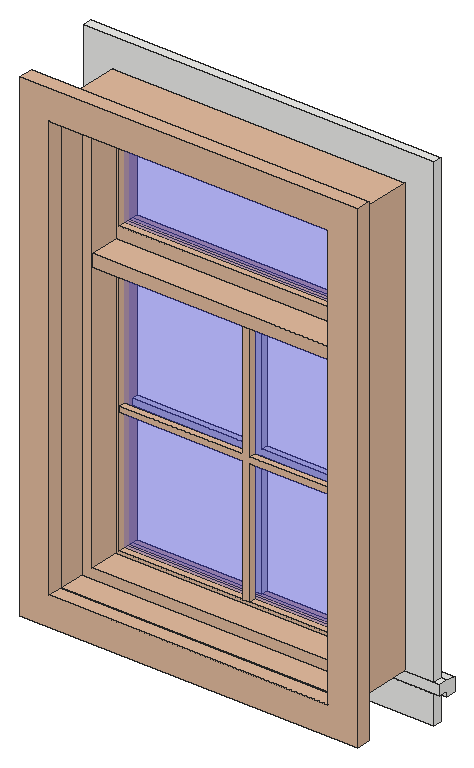
Revit family "M_Janela-fixa-travessa", category Janelas, Revit 2019
Family settings
  Hospedeiro = Parede
  Número OmniClass = 23.30.20.17.11
  Título OmniClass = Fixed Windows
  Sempre na vertical = Sim
  Corte com vazios quando carregada = Não
  Compartilhado = Não
  Ponto de cálculo do ambiente = Não
Parameters (values of type "600 x 900mm")
  Janela aplicada [instance] = 0 mm
  Espessura da parede [instance] = 150 mm
  Visual Light Transmittance = 0.81
  Altura da travessa = 300 mm
  Resistência térmica (R) = 0.319569 (m²·K)/W
  Solar Heat Gain Coefficient = 0.76
  Largura bruta = Largura + 15 mm  # 615 mm
  Altura bruta = Altura + 15 mm  # 915 mm
  Visibilidade do montante = yes
  Padrão do montante = M_Padrão do montante_2x2 : M_Padrão do montante_2x2
  Altura do caixilho inferior = Altura - Altura da travessa  # 600 mm
  Fechamento da parede interior [instance] = 54.75 mm
  Visibilidade do recorte interior [instance] = yes
  Material da apara interior = Madeira – Manchada
  Recorte interior = M_Moldura-janela-interior-plana : Quadro
  Altura = 900 mm
  Material da moldura interior = Madeira – Manchada
  Coeficiente de transferência de calor (U) = 3.12929 W/(m²·K)
  Material do painel de vidro = Vidro
  Extensão do quadro [instance] = if(Visibilidade da apara externa, Janela aplicada + 6.35 mm, 6.35 mm)  # 6.35 mm
  Classificação de incêndio = "0.5h"
  Fechamento da parede externa [instance] = 31.75 mm
  Visibilidade da apara externa [instance] = yes
  Material da apara externa = Revestimento – Branco
  Apara externa = M_Recorte-Janela-Exterior-Plana : com peitoril
  Material da moldura exterior = Revestimento – Branco
  Visibilidade do umbral da extensão [instance] = and(Visibilidade do recorte interior, Espessura da parede - Janela aplicada > 95.25 mm)  # yes
  Umbral da extensão [instance] = if(Espessura da parede - Janela aplicada > 95.25 mm, Espessura da parede - Janela aplicada - 95.25 mm, 25.4 mm)  # 54.75 mm
  Altura-padrão do peitoril = 900 mm
  Fechamento da parede = Por hospedeiro
  Largura = 600 mm
  Código de montagem = "B2020100"
  Construção analítica = "Vidraça dupla – residencial"
Reference planes
  plane 1 "Centro (Frente/Trás)": y = 0
  plane 2: z = 0
  plane 3 "Centro (Esquerda/Direita)": x = 0
  plane 4 "Esquerda": x = -300
  plane 5 "Direita": x = 300
  plane 6 "Peitoril": z = 900
  plane 7 "Superior": z = 1800
  plane 8 "Inset Face": y = 75
  plane 9 "Fechamento da parede": y = -20.25
  plane 10 "Face do caixilho": y = 87.7
  plane 11 "Exterior": y = 75
  plane 12: x = 287.3
  plane 13: x = -287.3
  plane 14: z = 1787.3
  plane 15: z = 912.7
  plane 16: y = 55.95
  plane 17 "Vidro": y = 65.475
  plane 18: y = 94.05
  plane 19: y = 94.05
  plane 20 "Interior": y = -75
  plane 21 "Umbral": y = -20.25
  plane 22 "Meio": z = 1350
  plane 23: z = 1350
  plane 24: x = 268.25
  plane 25: x = 261.9
  plane 26: x = -261.9
  plane 27: x = 261.9
  plane 28: z = 1761.9
  plane 29: z = 938.1
  plane 30: y = -20.25
  plane 31: y = 43.25
  plane 32: z = 1487.3
  plane 33: z = 1512.7
  plane 34: z = 1461.9
  plane 35: z = 1500
  plane 36: y = 94.05
  plane 37: z = 1538.1
Forms (mm)
  Sweep 1, solid, material "Madeira – Manchada" <- "Material da moldura interior"
    path origin (0, 87.7, 0) x (-1, 0, 0) y (0, 0, 1)
      loop
        line (-300, 900) -> (300, 900) -> (300, 1800) -> (-300, 1800) -> (-300, 900)
    profile origin (300, 87.7, 1350) x (1, 0, 0) y (0, 1, 0)
      loop
        line (0, 6.35) -> (-12.7, 6.35) -> (-12.7, -44.45) -> (-31.75, -44.45) -> (-31.75, -107.95) -> (0, -107.95) -> (0, 6.35)
  Extrusion 2, solid, material "Madeira – Manchada" <- "Material da moldura interior", visible <- "Visibilidade do umbral da extensão"
    sketch origin (0, 0, 0) x (1, 0, 0) y (0, 0, 1)
      loop
        line (300, 1800) -> (-300, 1800) -> (-300, 900) -> (300, 900) -> (300, 1800)
      loop
        line (287.3, 912.7) -> (287.3, 1787.3) -> (-287.3, 1787.3) -> (-287.3, 912.7) -> (287.3, 912.7)
    from 20.25 to 75
  Sweep 3, solid, material "Madeira – Manchada" <- "Material da moldura interior"
    path origin (0, 87.7, 0) x (-1, 0, 0) y (0, 0, 1)
      loop
        line (-287.3, 1487.3) -> (-287.3, 912.7) -> (287.3, 912.7) -> (287.3, 1487.3) -> (-287.3, 1487.3)
    profile origin (287.3, 87.7, 1200) x (0, 1, 0) y (-1, 0, 0)
      loop
        line (0, 0) -> (0, 25.4) -> (-44.45, 25.4) -> (-44.45, 0) -> (0, 0)
  Extrusion 4, solid, material "Vidro" <- "Material do painel de vidro"
    sketch origin (0, 0, 900) x (0, -1, 0) y (1, 0, 0)
      loop
        line (-75, -261.9) -> (-68.65, -261.9) -> (-68.65, 261.9) -> (-75, 261.9) -> (-75, -261.9)
      loop
        line (-55.95, 261.9) -> (-62.3, 261.9) -> (-62.3, -261.9) -> (-55.95, -261.9) -> (-55.95, 261.9)
    from 38.1 to 587.3
  Extrusion 5, solid, material "Madeira – Manchada" <- "Material da moldura interior"
    sketch origin (0, 0, 900) x (0, -1, 0) y (1, 0, 0)
      loop
        line (-87.7, -287.3) -> (-43.25, -287.3) -> (-43.25, -268.25) -> (20.25, -268.25) -> (20.25, 268.25) -> (-43.25, 268.25) -> (-43.25, 287.3) -> (-87.7, 287.3) -> (-87.7, -287.3)
    from 587.3 to 612.7
  Extrusion 6, solid, material "Vidro" <- "Material do painel de vidro"
    sketch origin (0, 0, 900) x (0, -1, 0) y (1, 0, 0)
      loop
        line (-75, -261.9) -> (-68.65, -261.9) -> (-68.65, 261.9) -> (-75, 261.9) -> (-75, -261.9)
      loop
        line (-62.3, -261.9) -> (-55.95, -261.9) -> (-55.95, 261.9) -> (-62.3, 261.9) -> (-62.3, -261.9)
    from 638.1 to 861.9
  Sweep 7, solid, material "Madeira – Manchada" <- "Material da moldura interior"
    path origin (-771.674, 87.7, 1219.2) x (-1, 0, 0) y (0, 0, 1)
      loop
        line (-1058.974, 293.5) -> (-484.374, 293.5) -> (-484.374, 568.1) -> (-1058.974, 568.1) -> (-1058.974, 293.5)
    profile origin (287.3, 87.7, 1650) x (1, 0, 0) y (0, 1, 0)
      loop
        line (0, 0) -> (-25.4, 0) -> (-25.4, -44.45) -> (0, -44.45) -> (0, 0)
Lines and regions (mm)
  Opening 1
    outline origin (-1524, -75, 0) x (1, 0, 0) y (0, 0, 1)
      loop
        line (1224, 1800) -> (1224, 900) -> (1824, 900) -> (1824, 1800) -> (1224, 1800)
  Split face 1
    outline origin (261.9, 87.7, 938.1) x (-1, 0, 0) y (0, -1, 0)
      loop
        line (523.8, 12.7) -> (0, 12.7)
  Split face 2
    outline origin (261.9, 87.7, 1461.9) x (0, 0, -1) y (0, -1, 0)
      loop
        line (0, 12.7) -> (523.8, 12.7)
  Split face 3
    outline origin (-261.9, 87.7, 938.1) x (0, 0, 1) y (0, -1, 0)
      loop
        line (523.8, 12.7) -> (0, 12.7)
  Split face 4
    outline origin (-261.9, 87.7, 1461.9) x (0, -1, 0) y (1, 0, 0)
      loop
        line (12.7, 0) -> (12.7, 523.8)
  Split face 5
    outline origin (287.3, 43.25, 912.7) x (0, 0, 1) y (0, 1, 0)
      loop
        line (874.6, 31.75) -> (0, 31.75)
  Split face 6
    outline origin (-287.3, 43.25, 912.7) x (1, 0, 0) y (0, 1, 0)
      loop
        line (0, 31.75) -> (574.6, 31.75)
  Split face 7
    outline origin (-287.3, 43.25, 1787.3) x (0, 0, -1) y (0, 1, 0)
      loop
        line (874.6, 44.45) -> (0, 44.45)
  Split face 8
    outline origin (287.3, 43.25, 1787.3) x (0, 1, 0) y (-1, 0, 0)
      loop
        line (44.45, 0) -> (44.45, 574.6)
  Split face 9
    outline origin (0, 0, 1512.7) x (0, -1, 0) y (1, 0, 0)
      loop
        line (-75, -287.3) -> (-75, 287.3)
  Split face 10
    outline origin (-261.9, 43.25, 1761.9) x (0, 0, -1) y (0, 1, 0)
      loop
        line (223.8, 31.75) -> (0, 31.75)
  Split face 11
    outline origin (261.9, 43.25, 1761.9) x (0, 1, 0) y (-1, 0, 0)
      loop
        line (31.75, 0) -> (31.75, 523.8)
  Split face 12
    outline origin (-261.9, 43.25, 1538.1) x (1, 0, 0) y (0, 1, 0)
      loop
        line (0, 31.75) -> (523.8, 31.75)
  Split face 13
    outline origin (261.9, 43.25, 1538.1) x (0, 0, 1) y (0, 1, 0)
      loop
        line (223.8, 31.75) -> (0, 31.75)
Text (mm)
  text "EXTERIOR" at (-1490.695, 1293.036, 0), in view "Nível de referência"
  text "INTERIOR" at (-1490.695, -959.266, 0), in view "Nível de referência"
  text "Exterior" at (0, 1108.87, 3129.179), in view "Esquerda"
  text "Exterior" at (0, 464.664, 3176.206), in view "Direita"
Dimensions and locks
  equal spacing: plane 4 "Esquerda", plane 3 "Centro (Esquerda/Direita)", plane 5 "Direita"
  "Largura": plane 4 "Esquerda" to plane 5 "Direita"
  "Altura": plane 6 "Peitoril" to plane 7 "Superior"
  "Altura-padrão do peitoril": plane 2 to plane 6 "Peitoril"
  locked: plane 10 "Face do caixilho" to plane 8 "Inset Face" at 12.7
  "Espessura da parede": host wall to host wall
  "Janela aplicada": plane 11 "Exterior" to plane 8 "Inset Face"
  locked: Sweep 1 sketch curve to plane 5 "Direita" at 12.7
  locked: plane 12 to plane 5 "Direita" at 12.7
  locked: plane 4 "Esquerda" to plane 13 at 12.7
  locked: plane 14 to plane 7 "Superior" at 12.7
  locked: plane 6 "Peitoril" to plane 15 at 12.7
  plane 16 to Sweep 3 = 12.7 mm
  equal spacing: plane 8 "Inset Face", plane 17 "Vidro", plane 16
  locked: plane 8 "Inset Face" to plane 16 at 19.05
  locked: plane 18 to plane 11 "Exterior" at 19.05
  locked: plane 19 to plane 10 "Face do caixilho" at 6.35
  "Umbral da extensão": plane 21 "Umbral" to plane 20 "Interior"
  locked: plane 8 "Inset Face" to plane 9 "Fechamento da parede" at 95.25
  equal spacing: plane 6 "Peitoril", plane 23, plane 7 "Superior"
  plane 24 to plane 5 "Direita" = 31.75 mm
  plane 25 to plane 12 = 25.4 mm
  locked: plane 4 "Esquerda" to plane 26 at 38.1
  locked: plane 7 "Superior" to plane 28 at 38.1
  locked: plane 29 to plane 6 "Peitoril" at 38.1
  locked: plane 27 to plane 5 "Direita" at 38.1
  level to host wall = 7010.4 mm
  "Fechamento da parede interior": plane 30 to plane 20 "Interior"
  "Fechamento da parede externa": plane 11 "Exterior" to plane 31
  locked: plane 13 to Extrusion 5 sketch curve at 19.05
  locked: plane 10 "Face do caixilho" to Extrusion 5 sketch curve at 44.45  (x2)
  locked: plane 32 to plane 33 at 25.4
  locked: Extrusion 6 sketch curve to plane 16 at 6.35
  Extrusion 4 to Extrusion 6 = 523.8 mm
  locked: plane 8 "Inset Face" to Extrusion 6 sketch curve at 6.35
  locked: plane 34 to plane 32 at 25.4
  equal spacing: plane 32, plane 35, plane 33
  "Altura da travessa": plane 35 to plane 7 "Superior"
  "Extensão do quadro": plane 36 to plane 10 "Face do caixilho"
  locked: plane 10 "Face do caixilho" to Sweep 7 sketch curve at 44.45
  locked: plane 33 to plane 37 at 25.4
  aligned and locked: plane 7 "Superior" to Opening 1 sketch curve
  aligned and locked: plane 6 "Peitoril" to Opening 1 sketch curve  (x2)
  aligned and locked: plane 5 "Direita" to Opening 1 sketch curve
  aligned and locked: plane 4 "Esquerda" to Opening 1 sketch curve
  aligned and locked: level to plane 2
  aligned and locked: host wall to plane 11 "Exterior"
  aligned and locked: plane 5 "Direita" to Sweep 1 sketch curve
  aligned and locked: plane 7 "Superior" to Sweep 1 sketch curve
  aligned and locked: Sweep 1 sketch curve to plane 4 "Esquerda"
  aligned and locked: Sweep 1 sketch curve to plane 6 "Peitoril"
  aligned and locked: Extrusion 2 sketch curve to host wall  (x3)
  aligned and locked: plane 7 "Superior" to Extrusion 2 sketch curve
  aligned and locked: host wall to Extrusion 2
  aligned and locked: Sweep 3 sketch curve to plane 12  (x2)
  aligned and locked: Sweep 3 sketch curve to plane 15
  aligned and locked: Split face 1 sketch curve to plane 8 "Inset Face"
  aligned and locked: plane 8 "Inset Face" to Split face 2 sketch curve
  aligned and locked: plane 8 "Inset Face" to Split face 3 sketch curve
  aligned and locked: Split face 4 sketch curve to plane 8 "Inset Face"
  aligned and locked: Extrusion 4 sketch curve to plane 8 "Inset Face"
  aligned and locked: Sweep 3 to Extrusion 4 sketch curve
  aligned and locked: Extrusion 4 sketch curve to plane 16
  aligned and locked: Extrusion 4 sketch curve to Sweep 3
  aligned and locked: plane 20 "Interior" to host wall
  aligned and locked: plane 21 "Umbral" to Extrusion 2
  aligned and locked: plane 9 "Fechamento da parede" to Sweep 1
  aligned and locked: nested 2 to plane 4 "Esquerda"
  aligned and locked: profile plane to Sweep 3 sketch curve
  aligned and locked: plane 13 to Sweep 3 sketch curve
  aligned and locked: plane 12 to Extrusion 2 sketch curve
  aligned and locked: Extrusion 2 sketch curve to plane 14
  aligned and locked: Extrusion 2 sketch curve to plane 13
  aligned and locked: plane 15 to Extrusion 2 sketch curve
  aligned and locked: plane 23 to plane 22 "Meio"
  aligned and locked: Sweep 1 sketch curve to Sweep 3
  aligned and locked: Sweep 3 sketch curve to plane 25
  aligned and locked: Extrusion 4 sketch curve to plane 25  (x2)
  aligned and locked: Extrusion 4 to Sweep 3
  aligned and locked: plane 8 "Inset Face" to Split face 5 sketch curve
  aligned and locked: Split face 6 sketch curve to plane 8 "Inset Face"
  aligned and locked: Split face 7 sketch curve to plane 10 "Face do caixilho"
  aligned and locked: plane 10 "Face do caixilho" to Split face 8 sketch curve
  aligned and locked: nested 1 to plane 29
  aligned and locked: plane 15 to Extrusion 2
  aligned and locked: Extrusion 2 to plane 14
  aligned and locked: plane 17 "Vidro" to nested 1
  aligned and locked: plane 25 to nested 1
  aligned and locked: plane 26 to nested 1
  aligned and locked: plane 7 "Superior" to nested 3
  aligned and locked: nested 3 to plane 3 "Centro (Esquerda/Direita)"
  aligned and locked: plane 7 "Superior" to nested 4
  aligned and locked: plane 3 "Centro (Esquerda/Direita)" to nested 4
  aligned and locked: plane 32 to Extrusion 4
  aligned and locked: Extrusion 5 sketch curve to plane 21 "Umbral"
  aligned and locked: Extrusion 5 sketch curve to plane 24
  aligned and locked: plane 12 to Extrusion 5 sketch curve
  aligned and locked: Extrusion 5 sketch curve to plane 10 "Face do caixilho"
  aligned and locked: plane 13 to Extrusion 5 sketch curve
  aligned and locked: Extrusion 5 to plane 32
  aligned and locked: plane 32 to Sweep 3 sketch curve
  aligned and locked: plane 33 to Extrusion 5
  aligned and locked: Extrusion 6 sketch curve to plane 8 "Inset Face"
  aligned and locked: plane 16 to Extrusion 6 sketch curve
  aligned and locked: Split face 9 sketch curve to plane 8 "Inset Face"
  aligned and locked: nested 1 to plane 34
  aligned and locked: nested 2 to plane 35
  aligned and locked: plane 11 "Exterior" to nested 2
  aligned and locked: plane 36 to Sweep 1 sketch curve
  aligned and locked: Sweep 7 sketch curve to plane 14
  aligned and locked: Sweep 7 sketch curve to plane 13
  aligned and locked: plane 12 to Sweep 7 sketch curve
  aligned and locked: plane 33 to Sweep 7 sketch curve
  aligned and locked: plane 10 "Face do caixilho" to Sweep 7 sketch curve
  aligned and locked: Sweep 7 sketch curve to plane 12
  aligned and locked: Sweep 7 sketch curve to plane 27
  aligned and locked: plane 26 to Extrusion 6 sketch curve  (x2)
  aligned and locked: Extrusion 6 sketch curve to plane 27  (x2)
  aligned and locked: plane 28 to Extrusion 6
  aligned and locked: Extrusion 6 to plane 37
  aligned and locked: plane 8 "Inset Face" to Split face 10 sketch curve
  aligned and locked: plane 8 "Inset Face" to Split face 11 sketch curve
  aligned and locked: Split face 12 sketch curve to plane 8 "Inset Face"
  aligned and locked: Split face 13 sketch curve to plane 8 "Inset Face"
  aligned and locked: nested 5 to plane 4 "Esquerda"
  aligned and locked: nested 5 to plane 11 "Exterior"
  aligned and locked: nested 5 to plane 7 "Superior"
Automatic sketch dimensions
  Sweep 3 sketch curve to plane 10 "Face do caixilho" = 44.45 mm
  Split face 1 sketch curve to Sweep 3 = 0 mm  (x2)
  Sweep 3 to Split face 2 sketch curve = 0 mm
  Split face 2 sketch curve to Sweep 3 = 0 mm
  Split face 3 sketch curve to Sweep 3 = 0 mm
  Sweep 3 to Split face 3 sketch curve = 0 mm
  Split face 4 sketch curve to Sweep 3 = 0 mm  (x2)
  plane 17 "Vidro" to Extrusion 4 sketch curve = 3.175 mm
  Extrusion 4 sketch curve to plane 17 "Vidro" = 3.175 mm
  Sweep 1 sketch curve to profile plane = 0 mm
  profile plane to Sweep 1 sketch curve = 31.75 mm
  Sweep 1 sketch curve to plane 10 "Face do caixilho" = 107.95 mm
  Split face 5 sketch curve to Sweep 1 = 0 mm
  Sweep 1 to Split face 5 sketch curve = 0 mm
  Split face 6 sketch curve to Sweep 1 = 0 mm  (x2)
  Sweep 1 to Split face 7 sketch curve = 0 mm
  Split face 7 sketch curve to Sweep 1 = 0 mm
  Split face 8 sketch curve to Sweep 1 = 0 mm  (x2)
  Split face 9 sketch curve to Extrusion 5 = 0 mm  (x2)
  Sweep 7 to Split face 10 sketch curve = 0 mm
  Split face 10 sketch curve to Sweep 7 = 0 mm
  Split face 11 sketch curve to Sweep 7 = 0 mm  (x2)
  Split face 12 sketch curve to Sweep 7 = 0 mm  (x2)
  Split face 13 sketch curve to Sweep 7 = 0 mm
  Sweep 7 to Split face 13 sketch curve = 0 mm
Nested families
  nested 1: "M_Padrão do montante_2x2" at (0, 65.475, 938.1) x (-1, 0, 0) z (0, 0, 1), type <- "Padrão do montante", Material externo <- "Material da moldura exterior", Material interior <- "Material da moldura interior", visible <- "Visibilidade do montante", type "M_Padrão do montante_2x2"
    with Largura 523.8 mm, Material interior Madeira – Manchada, Altura 523.8 mm, Material externo Revestimento – Branco
  nested 2: "M_Plano-fixo 1" at (0, 75, 900) x (-1, 0, 0) z (0, 0, 1), Largura <- "Largura", Espessura da parede <- "Espessura da parede", Janela aplicada <- "Janela aplicada", Altura <- "Altura do caixilho inferior", type "M_Plano-fixo 1"
    with Janela aplicada de 3D 0 mm, Janela aplicada 0 mm, Largura 600 mm, Espessura da parede 150 mm, Linha superior no, Altura 600 mm, Linha inferior yes
  nested 3: "M_Recorte-Janela-Exterior-Plana" at (0, 75, 1800) x (-1, 0, 0) z (0, 1, 0), visible <- "Visibilidade da apara externa", Material da apara <- "Material da apara externa", Largura da abertura <- "Largura", Altura da abertura <- "Altura", type <- "Apara externa", type "com peitoril"
    with Material da apara Revestimento – Branco, Largura da abertura 600 mm, Altura da abertura 900 mm
  nested 4: "M_Moldura-janela-interior-plana" at (0, -75, 1800) x (1, 0, 0) z (0, -1, 0), visible <- "Visibilidade do recorte interior", Material da apara <- "Material da apara interior", Largura da abertura <- "Largura", Altura da abertura <- "Altura", type <- "Recorte interior", type "Quadro"
    with Material da apara Madeira – Manchada, Largura da abertura 600 mm, Altura da abertura 900 mm
  nested 5: "M_Plano-fixo 1" at (0, 75, 1500), Janela aplicada <- "Janela aplicada", Largura <- "Largura", Espessura da parede <- "Espessura da parede", Altura <- "Altura da travessa", type "M_Plano-fixo 1"
    with Janela aplicada de 3D 0 mm, Janela aplicada 0 mm, Largura 600 mm, Espessura da parede 150 mm, Linha superior yes, Altura 300 mm, Linha inferior no
Definition of nested family "M_Padrão do montante_2x2"
  Parameters (values of type "M_Padrão do montante_2x2")
    Largura [instance] = 1200 mm
    Espessura = 12.7 mm
    Altura [instance] = 1200 mm
    Material interior [instance] = none
    Material externo [instance] = none
    Distância = 19.05 mm
  Reference planes
    plane 1 "Centro (Frente/Trás)": y = 0
    plane 2: z = 0
    plane 3 "Centro (Esquerda/Direita)": x = 0
    plane 4: z = 1200
    plane 5: x = -600
    plane 6: x = 600
    plane 7: z = 600
    plane 8: y = 9.525
    plane 9: y = 22.225
    plane 10: y = -9.525
    plane 11: y = -22.225
  Forms (mm)
    Extrusion 1, solid, material <- "Material interior", detail levels fine
      sketch origin (0, 0, 0) x (1, 0, 0) y (0, 0, 1)
        loop
          line (-600, 606.35) -> (-600, 593.65) -> (-6.35, 593.65) -> (-6.35, 0) -> (6.35, 0) -> (6.35, 593.65) -> (600, 593.65) -> (600, 606.35) -> (6.35, 606.35) -> (6.35, 1200) -> (-6.35, 1200) -> (-6.35, 606.35) -> (-600, 606.35)
      from 9.525 to 22.225
    Extrusion 2, solid, material <- "Material externo", detail levels fine
      sketch origin (0, 0, 0) x (1, 0, 0) y (0, 0, -1)
        loop
          line (-600, -606.35) -> (-6.35, -606.35) -> (-6.35, -1200) -> (6.35, -1200) -> (6.35, -606.35) -> (600, -606.35) -> (600, -593.65) -> (6.35, -593.65) -> (6.35, 0) -> (-6.35, 0) -> (-6.35, -593.65) -> (-600, -593.65) -> (-600, -606.35)
      from 9.525 to 22.225
  Lines and regions (mm)
    model lines, detail levels medium
      curve 1: line (0, 9.525, 1200) -> (0, 9.525, 0)
      curve 2: line (-600, -9.525, 600) -> (600, -9.525, 600)
      curve 3: line (-600, 9.525, 600) -> (600, 9.525, 600)
      curve 4: line (0, -9.525, 1200) -> (0, -9.525, 0)
  Dimensions and locks
    equal spacing: plane 6, plane 3 "Centro (Esquerda/Direita)", plane 5
    "Largura": plane 6 to plane 5
    "Altura": plane 4 to plane 2
    equal spacing: plane 4, plane 7, plane 2
    locked: plane 3 "Centro (Esquerda/Direita)" to Extrusion 1 sketch curve at 6.35  (x4)
    locked: Extrusion 1 sketch curve to plane 7 at 6.35  (x2)
    locked: plane 7 to Extrusion 1 sketch curve at 6.35  (x2)
    "Espessura": plane 9 to plane 8
    "Espessura": plane 10 to plane 11
    "Distância": plane 8 to plane 10
    equal spacing: plane 8, plane 1 "Centro (Frente/Trás)", plane 10
    aligned and locked: plane 2 to level
    aligned and locked: plane 4 to curve 1
    aligned and locked: plane 5 to curve 2
    aligned and locked: plane 2 to curve 1
    aligned and locked: plane 6 to curve 2
    aligned and locked: Extrusion 1 sketch curve to plane 4
    aligned and locked: Extrusion 1 sketch curve to plane 6
    aligned and locked: Extrusion 1 sketch curve to plane 5
    aligned and locked: Extrusion 1 sketch curve to level
    aligned and locked: Extrusion 1 to plane 11
    aligned and locked: plane 10 to Extrusion 1
    aligned and locked: Extrusion 2 to plane 5
    aligned and locked: plane 6 to Extrusion 2
    aligned and locked: Extrusion 2 to plane 8
    aligned and locked: plane 9 to Extrusion 2
    aligned and locked: Extrusion 2 to plane 2
    aligned and locked: plane 4 to Extrusion 2
    aligned and locked: plane 5 to curve 3
    aligned and locked: plane 6 to curve 3
    aligned and locked: plane 4 to curve 4
    aligned and locked: plane 2 to curve 4
    aligned and locked: plane 8 to curve 3
  Automatic sketch dimensions
    curve 2 to plane 7 = 0 mm
    Extrusion 2 sketch curve to plane 5 = 0 mm
    Extrusion 2 sketch curve to level = 0 mm
    Extrusion 2 sketch curve to plane 4 = 0 mm
    Extrusion 2 sketch curve to plane 6 = 0 mm
    Extrusion 2 sketch curve to plane 3 "Centro (Esquerda/Direita)" = 6.35 mm  (x2)
    plane 3 "Centro (Esquerda/Direita)" to Extrusion 2 sketch curve = 6.35 mm  (x2)
    plane 7 to Extrusion 2 sketch curve = 6.35 mm  (x2)
    Extrusion 2 sketch curve to plane 7 = 6.35 mm  (x2)
    curve 4 to plane 3 "Centro (Esquerda/Direita)" = 0 mm
    curve 4 to level = 0 mm
    curve 4 to plane 4 = 0 mm
    curve 3 to plane 6 = 0 mm
    curve 1 to plane 3 "Centro (Esquerda/Direita)" = 0 mm
    curve 3 to plane 5 = 0 mm
    curve 3 to plane 7 = 0 mm
Definition of nested family "M_Recorte-Janela-Exterior-Plana"
  Parameters (values of type "com peitoril")
    Largura da apara = 60 mm
    Espessura da apara_Quadro = 30 mm
    Espessura da apara_com peitoril = 19.05 mm
    Material da apara [instance] = none
    Espessura do peitoril = 30 mm
    Peitoril = yes
    Quadro = no
    Largura da abertura [instance] = 600 mm
    Altura da abertura [instance] = 900 mm
    Default Elevation = 1200 mm
  Types (2, lengths in mm): name | Peitoril | Quadro
    com peitoril | yes | no
    Quadro | no | yes
  Reference planes
    plane 1 "Centro (Frente/Trás)": y = 0
    plane 2: z = 0
    plane 3 "Centro (Esquerda/Direita)": x = 0
    plane 4: y = 60
    plane 5 "Esquerda": x = -300
    plane 6 "Direita": x = 300
    plane 7 "Inferior": y = -900
    plane 8: y = -930
    plane 9: y = -980.432
    plane 10: x = 360
    plane 11: x = -360
    plane 12: z = 19.05
    plane 13: z = 30
    plane 14: x = 372.7
    plane 15: x = -372.7
    plane 16: y = -920.432
    plane 17: y = -960
    plane 18: z = 12.7
    plane 19: y = -450
    plane 20: z = 38.1
  Forms (mm)
    Extrusion 1, solid
      sketch origin (0, 0, 0) x (1, 0, 0) y (0, 1, 0)
        loop
          line (-361.95, 57.15) -> (-361.95, -993.732) -> (361.95, -993.732) -> (361.95, 57.15) -> (-361.95, 57.15)
      from 0 to -304.8
    Extrusion 2, solid, material <- "Material da apara", visible <- "Peitoril"
      sketch origin (0, 0, 0) x (1, 0, 0) y (0, 1, 0)
        loop
          line (-360, -900) -> (-300, -900) -> (-300, 0) -> (300, 0) -> (300, -900) -> (360, -900) -> (360, 60) -> (-360, 60) -> (-360, -900)
      from 0 to 19.05
    Extrusion 3, solid, material <- "Material da apara", visible <- "Peitoril"
      sketch origin (0, 0, 0) x (0, 1, 0) y (0, 0, 1)
        loop
          line (-902.458, 38.1) -> (-930, 38.1) -> (-930, 19.05) -> (-920.432, 19.05) -> (-920.432, 0) -> (-900, 0) -> (-900, 19.05) -> (-902.458, 38.1)
      from -372.7 to 372.7
    Extrusion 4, solid, material <- "Material da apara", visible <- "Peitoril"
      sketch origin (0, 0, 0) x (1, 0, 0) y (0, 1, 0)
        loop
          line (-360, -920.432) -> (-360, -980.432) -> (360, -980.432) -> (360, -920.432) -> (-360, -920.432)
      from 0 to 19.05
    Extrusion 5, solid, material <- "Material da apara", visible <- "Quadro"
      sketch origin (0, 0, 0) x (1, 0, 0) y (0, 1, 0)
        loop
          line (-300, 0) -> (-300, -900) -> (300, -900) -> (300, 0) -> (-300, 0)
        loop
          line (-360, 60) -> (-360, -960) -> (360, -960) -> (360, 60) -> (-360, 60)
      from 0 to 30
  Dimensions and locks
    equal spacing: plane 5 "Esquerda", plane 3 "Centro (Esquerda/Direita)", plane 6 "Direita"
    "Largura da abertura": plane 5 "Esquerda" to plane 6 "Direita"
    "Altura da abertura": plane 7 "Inferior" to plane 1 "Centro (Frente/Trás)"
    "Espessura do peitoril": plane 7 "Inferior" to plane 8
    "Largura da apara": plane 11 to plane 5 "Esquerda"
    "Largura da apara": plane 6 "Direita" to plane 10
    "Largura da apara": plane 1 "Centro (Frente/Trás)" to plane 4
    locked: plane 15 to plane 11 at 12.7
    locked: plane 10 to plane 14 at 12.7
    locked: plane 16 to plane 8 at 9.568
    "Largura da apara": plane 9 to plane 16
    "Largura da apara": plane 17 to plane 7 "Inferior"
    locked: plane 18 to plane 2 at 12.7
    equal spacing: plane 7 "Inferior", plane 19, plane 1 "Centro (Frente/Trás)"
    locked: plane 20 to plane 12 at 19.05
    "Espessura da apara_com peitoril": plane 12 to plane 2
    "Espessura da apara_Quadro": plane 13 to plane 2
    aligned and locked: plane 2 to Extrusion 1
    aligned and locked: level to Extrusion 1
    aligned and locked: Extrusion 2 sketch curve to plane 5 "Esquerda"
    aligned and locked: Extrusion 2 sketch curve to plane 11
    aligned and locked: plane 7 "Inferior" to Extrusion 2 sketch curve  (x2)
    aligned and locked: plane 1 "Centro (Frente/Trás)" to Extrusion 2 sketch curve
    aligned and locked: plane 10 to Extrusion 2 sketch curve
    aligned and locked: Extrusion 2 sketch curve to plane 6 "Direita"
    aligned and locked: plane 12 to Extrusion 2
    aligned and locked: Extrusion 3 sketch curve to level
    aligned and locked: plane 7 "Inferior" to Extrusion 3 sketch curve
    aligned and locked: Extrusion 3 sketch curve to plane 8
    aligned and locked: plane 15 to Extrusion 3
    aligned and locked: Extrusion 3 to plane 14
    aligned and locked: plane 10 to Extrusion 4 sketch curve
    aligned and locked: Extrusion 4 sketch curve to plane 11
    aligned and locked: plane 16 to Extrusion 4 sketch curve
    aligned and locked: plane 9 to Extrusion 4 sketch curve
    aligned and locked: Extrusion 4 to Extrusion 2
    aligned and locked: Extrusion 2 sketch curve to plane 4
    aligned and locked: plane 1 "Centro (Frente/Trás)" to Extrusion 5 sketch curve
    aligned and locked: Extrusion 5 sketch curve to plane 4
    aligned and locked: Extrusion 5 sketch curve to plane 17
    aligned and locked: plane 7 "Inferior" to Extrusion 5 sketch curve
    aligned and locked: Extrusion 5 sketch curve to plane 6 "Direita"
    aligned and locked: plane 10 to Extrusion 5 sketch curve
    aligned and locked: Extrusion 5 sketch curve to plane 5 "Esquerda"
    aligned and locked: Extrusion 5 sketch curve to plane 11
    aligned and locked: plane 13 to Extrusion 5
    aligned and locked: plane 20 to Extrusion 3
  Automatic sketch dimensions
    Extrusion 1 sketch curve to Extrusion 1 sketch curve = 723.9 mm
    Extrusion 1 sketch curve to Extrusion 1 sketch curve = 1050.882 mm
    Extrusion 3 sketch curve to plane 16 = 0 mm
    Extrusion 3 sketch curve to plane 12 = 0 mm  (x2)
    Extrusion 3 sketch curve to plane 7 "Inferior" = 2.458 mm
    plane 13 to Extrusion 3 sketch curve = 8.1 mm
Definition of nested family "M_Moldura-janela-interior-plana"
  Parameters (values of type "com peitoril")
    Espessura da apara_Quadro = 30 mm
    Largura da apara = 60 mm
    Espessura da apara_com peitoril = 20 mm
    Material da apara [instance] = none
    Espessura do peitoril = 30 mm
    Peitoril = yes
    Quadro = no
    Largura da abertura [instance] = 600 mm
    Altura da abertura [instance] = 900 mm
    Default Elevation = 1200 mm
  Types (2, lengths in mm): name | Peitoril | Quadro
    com peitoril | yes | no
    Quadro | no | yes
  Reference planes
    plane 1 "Centro (Frente/Trás)": y = 0
    plane 2: z = 0
    plane 3 "Centro (Esquerda/Direita)": x = 0
    plane 4: y = 47.3
    plane 5 "Esquerda": x = -300
    plane 6 "Direita": x = 300
    plane 7 "Inferior": y = -900
    plane 8: y = -930
    plane 9: y = -980.432
    plane 10: x = 347.3
    plane 11: x = -347.3
    plane 12: z = 20
    plane 13: z = 30
    plane 14: x = 360
    plane 15: x = -360
    plane 16: y = -920.432
    plane 17: y = -947.3
    plane 18: z = 12.7
    plane 19: x = -287.3
    plane 20: y = -12.7
    plane 21: x = 287.3
    plane 22: y = -887.3
    plane 23: x = -334.6
    plane 24: x = 334.6
    plane 25: y = -450
  Forms (mm)
    Extrusion 1, solid
      sketch origin (0, 0, 0) x (1, 0, 0) y (0, 1, 0)
        loop
          line (-349.25, 44.45) -> (-349.25, -958.85) -> (349.25, -958.85) -> (349.25, 44.45) -> (-349.25, 44.45)
      from 0 to -304.8
    Extrusion 2, solid, material <- "Material da apara", visible <- "Peitoril"
      sketch origin (0, 0, 0) x (1, 0, 0) y (0, 1, 0)
        loop
          line (-334.6, -900) -> (-287.3, -900) -> (-287.3, 0) -> (287.3, 0) -> (287.3, -900) -> (334.6, -900) -> (334.6, 47.3) -> (-334.6, 47.3) -> (-334.6, -900)
      from 0 to 20
    Extrusion 3, solid, material <- "Material da apara", visible <- "Peitoril"
      sketch origin (0, 0, 0) x (0, 1, 0) y (0, 0, 1)
        loop
          line (-912.7, 39.05) -> (-920.432, 39.05) -> (-920.432, 0) -> (-900, 0) -> (-900, 26.35)
          arc (-900, 26.35) -> (-903.72, 35.33) -> (-912.7, 39.05) r 12.7
      from -347.3 to 347.3
    Extrusion 4, solid, material <- "Material da apara", visible <- "Peitoril"
      sketch origin (0, 0, 0) x (1, 0, 0) y (0, 1, 0)
        loop
          line (-334.6, -920.432) -> (-334.6, -980.432) -> (334.6, -980.432) -> (334.6, -920.432) -> (-334.6, -920.432)
      from 0 to 20
    Extrusion 5, solid, material <- "Material da apara", visible <- "Quadro"
      sketch origin (0, 0, 0) x (1, 0, 0) y (0, 1, 0)
        loop
          line (-287.3, -12.7) -> (-287.3, -887.3) -> (287.3, -887.3) -> (287.3, -12.7) -> (-287.3, -12.7)
        loop
          line (-347.3, 47.3) -> (-347.3, -947.3) -> (347.3, -947.3) -> (347.3, 47.3) -> (-347.3, 47.3)
      from 0 to 30
  Dimensions and locks
    equal spacing: plane 5 "Esquerda", plane 3 "Centro (Esquerda/Direita)", plane 6 "Direita"
    "Largura da abertura": plane 5 "Esquerda" to plane 6 "Direita"
    "Altura da abertura": plane 7 "Inferior" to plane 1 "Centro (Frente/Trás)"
    "Espessura do peitoril": plane 7 "Inferior" to plane 8
    "Largura da apara": plane 11 to plane 19
    "Largura da apara": plane 21 to plane 10
    "Largura da apara": plane 20 to plane 4
    "Espessura da apara_com peitoril": plane 12 to plane 2
    locked: plane 15 to plane 11 at 12.7
    locked: plane 10 to plane 14 at 12.7
    locked: plane 16 to plane 8 at 9.568
    "Largura da apara": plane 9 to plane 16
    "Largura da apara": plane 17 to plane 22
    plane 20 to plane 1 "Centro (Frente/Trás)" = 12.7 mm
    plane 5 "Esquerda" to plane 19 = 12.7 mm
    plane 21 to plane 6 "Direita" = 12.7 mm
    plane 22 to plane 7 "Inferior" = 12.7 mm
    locked: plane 11 to plane 23 at 12.7
    locked: plane 24 to plane 10 at 12.7
    equal spacing: plane 7 "Inferior", plane 25, plane 1 "Centro (Frente/Trás)"
    "Espessura da apara_Quadro": plane 13 to plane 2
    locked: Extrusion 3 to plane 12 at 19.05
    locked: plane 12 to Extrusion 3 sketch curve at 19.05
    radius of Extrusion 3 sketch curve = 12.7 mm
    aligned and locked: plane 2 to Extrusion 1
    aligned and locked: level to Extrusion 1
    aligned and locked: plane 7 "Inferior" to Extrusion 2 sketch curve  (x2)
    aligned and locked: plane 1 "Centro (Frente/Trás)" to Extrusion 2 sketch curve
    aligned and locked: plane 12 to Extrusion 2
    aligned and locked: Extrusion 3 sketch curve to level
    aligned and locked: plane 7 "Inferior" to Extrusion 3 sketch curve
    aligned and locked: plane 16 to Extrusion 4 sketch curve
    aligned and locked: plane 9 to Extrusion 4 sketch curve
    aligned and locked: Extrusion 2 sketch curve to plane 4
    aligned and locked: Extrusion 5 sketch curve to plane 4
    aligned and locked: Extrusion 5 sketch curve to plane 17
    aligned and locked: plane 10 to Extrusion 5 sketch curve
    aligned and locked: Extrusion 5 sketch curve to plane 11
    aligned and locked: plane 13 to Extrusion 5
    aligned and locked: Extrusion 5 sketch curve to plane 20
    aligned and locked: Extrusion 5 sketch curve to plane 19
    aligned and locked: Extrusion 5 sketch curve to plane 21
    aligned and locked: plane 22 to Extrusion 5 sketch curve
    aligned and locked: Extrusion 4 to plane 24
    aligned and locked: plane 11 to Extrusion 3
    aligned and locked: Extrusion 3 to plane 10
    aligned and locked: Extrusion 2 sketch curve to plane 21
    aligned and locked: Extrusion 2 sketch curve to plane 24
    aligned and locked: Extrusion 2 sketch curve to plane 19
    aligned and locked: Extrusion 2 sketch curve to plane 23
    aligned and locked: plane 12 to Extrusion 4
  Automatic sketch dimensions
    Extrusion 1 sketch curve to Extrusion 1 sketch curve = 698.5 mm
    Extrusion 1 sketch curve to Extrusion 1 sketch curve = 1003.3 mm
    Extrusion 3 sketch curve to plane 16 = 0 mm
    Extrusion 4 sketch curve to plane 11 = 12.7 mm
    Extrusion 4 sketch curve to plane 24 = 0 mm
Definition of nested family "M_Plano-fixo 1"
  Parameters (values of type "M_Plano-fixo 1")
    Janela aplicada [instance] = 25 mm
    Janela aplicada de 3D [instance] = if(Janela aplicada - 12.7 mm < 0 mm, 0 mm, if(Janela aplicada - 12.7 mm < Espessura da parede - 88.9 mm, Janela aplicada - 12.7 mm, Espessura da parede - 88.9 mm))  # 12.3 mm
    Width [instance] = 1200 mm
    Espessura da parede [instance] = 150 mm
    Linha superior [instance] = yes
    Height [instance] = 900 mm
    Default Elevation = 1200 mm
    Linha inferior [instance] = yes
    Analytic Construction = "<Nenhum>"
  Reference planes
    plane 1 "Centro (Frente/Trás)": y = 0
    plane 2: z = 0
    plane 3 "Centro (Esquerda/Direita)": x = 0
    plane 4: x = -600
    plane 5: x = 600
    plane 6 "Umbral": y = -101.2
    plane 7: x = -587.3
    plane 8: x = -568.25
    plane 9: y = -12.3
    plane 10: y = -56.75
    plane 11: y = -34.525
    plane 12: x = -561.9
    plane 13: x = 587.3
    plane 14: x = 568.25
    plane 15: x = 561.9
    plane 16 "Janela aplicada": y = -25
    plane 17 "Parede": y = -150
    plane 18: z = 900
    plane 19: z = 887.3
    plane 20: z = 12.7
    plane 21: z = 868.25
    plane 22: z = 31.75
    plane 23: z = 861.9
    plane 24: z = 38.1
  Lines and regions (mm)
    Masking region 1
      outline origin (0, 19.05, 0) x (1, 0, 0) y (0, 1, 0)
        loop
          line (-600, -169.05) -> (600, -169.05) -> (600, -19.05) -> (-600, -19.05) -> (-600, -169.05)
    Masking region 2
      outline origin (0, 0, 0) x (0, 1, 0) y (0, 0, 1)
        loop
          line (-150, 900) -> (-150, 0) -> (0, 0) -> (0, 900) -> (-150, 900)
    symbolic lines
      curve 1: line (-587.3, -56.75, 0) -> (-568.25, -56.75, 0)
      curve 2: line (-568.25, -56.75, 0) -> (-568.25, -101.2, 0)
      curve 3: line (-587.3, -12.3, 0) -> (-587.3, -56.75, 0)
      curve 4: line (-600, -12.3, 0) -> (-561.9, -12.3, 0)
      curve 5: line (-561.9, -12.3, 0) -> (-561.9, -56.75, 0)
      curve 6: line (-561.9, -56.75, 0) -> (-568.25, -56.75, 0)
      curve 7: line (-561.9, -34.525, 0) -> (561.9, -34.525, 0)
      curve 8: line (587.3, -56.75, 0) -> (568.25, -56.75, 0)
      curve 9: line (568.25, -56.75, 0) -> (568.25, -101.2, 0)
      curve 10: line (587.3, -12.3, 0) -> (587.3, -56.75, 0)
      curve 11: line (561.9, -12.3, 0) -> (561.9, -56.75, 0)
      curve 12: line (561.9, -56.75, 0) -> (568.25, -56.75, 0)
      curve 13: line (-600, -101.2, 0) -> (-568.25, -101.2, 0)
      curve 14: line (568.25, -101.2, 0) -> (600, -101.2, 0)
      curve 15: line (0, -12.3, 887.3) -> (0, -56.75, 887.3)
      curve 16: line (0, -56.75, 868.25) -> (0, -101.2, 868.25)
      curve 17: line (0, -101.2, 0) -> (0, -101.2, 31.75)
      curve 18: line (0, -12.3, 12.7) -> (0, -56.75, 12.7)
      curve 19: line (0, -56.75, 12.7) -> (0, -56.75, 38.1)
      curve 20: line (0, -56.75, 31.75) -> (0, -101.2, 31.75)
      curve 21: line (0, -12.3, 900) -> (0, -12.3, 861.9)
      curve 22: line (0, -12.3, 861.9) -> (0, -56.75, 861.9)
      curve 23: line (0, -56.75, 38.1) -> (0, -12.3, 38.1)
      curve 24: line (0, -34.525, 38.1) -> (0, -34.525, 861.9)
      curve 25: line (0, -56.75, 887.3) -> (0, -56.75, 861.9)
      curve 26: line (561.9, -12.3, 0) -> (600, -12.3, 0)
      curve 27: line (0, -101.2, 868.25) -> (0, -101.2, 900)
      curve 28: line (0, -12.3, 38.1) -> (0, -12.3, 0)
      curve 29: line (-561.9, -12.3, 0) -> (561.9, -12.3, 0)
      curve 30: line (568.25, -101.2, 0) -> (-568.25, -101.2, 0)
      curve 31: line (0, -12.3, 861.9) -> (0, -12.3, 38.1)
      curve 32: line (0, -101.2, 31.75) -> (0, -101.2, 868.25)
    symbolic lines, visible <- "Linha superior"
      curve 33: line (0, -150, 900) -> (0, 0, 900)
    symbolic lines, visible <- "Linha inferior"
      curve 34: line (0, -150, 0) -> (0, 0, 0)
  Dimensions and locks
    "Width": plane 4 to plane 5
    equal spacing: plane 4, plane 3 "Centro (Esquerda/Direita)", plane 5
    plane 4 to plane 7 to plane 8 = 12.7 mm locked, 19.05 mm locked
    equal spacing: plane 9, plane 11, plane 10
    plane 5 to plane 13 to plane 14 = 12.7 mm locked, 19.05 mm locked
    locked: plane 9 to plane 16 "Janela aplicada" at 12.7
    locked: plane 9 to plane 10 at 44.45
    "Espessura da parede": plane 17 "Parede" to plane 1 "Centro (Frente/Trás)"
    "Height": plane 18 to plane 2
    locked: plane 18 to plane 19 at 12.7
    locked: plane 20 to plane 2 at 12.7
    locked: plane 19 to plane 21 at 19.05
    locked: plane 22 to plane 20 at 19.05
    locked: plane 10 to plane 6 "Umbral" at 44.45
    "Janela aplicada de 3D": plane 9 to plane 1 "Centro (Frente/Trás)"
    locked: plane 7 to plane 12 at 25.4
    locked: plane 15 to plane 13 at 25.4
    locked: plane 19 to plane 23 at 25.4
    locked: plane 24 to plane 20 at 25.4
    aligned and locked: plane 2 to level
    aligned and locked: curve 2 to plane 8
    aligned and locked: curve 1 to plane 10
    aligned and locked: plane 4 to Masking region 1 sketch curve
    aligned and locked: Masking region 1 sketch curve to plane 5
    aligned and locked: plane 14 to curve 9
    aligned and locked: Masking region 1 sketch curve to plane 17 "Parede"
    aligned and locked: curve 13 to plane 6 "Umbral"
    aligned and locked: curve 14 to plane 6 "Umbral"
    aligned and locked: plane 1 "Centro (Frente/Trás)" to Masking region 1 sketch curve
    aligned and locked: Masking region 2 sketch curve to plane 18
    aligned and locked: plane 17 "Parede" to Masking region 2 sketch curve
    aligned and locked: level to Masking region 2 sketch curve
    aligned and locked: plane 6 "Umbral" to curve 17
    aligned and locked: plane 21 to curve 16
    aligned and locked: plane 19 to curve 15
    aligned and locked: plane 22 to curve 20
    aligned and locked: plane 10 to curve 19  (x2)
    aligned and locked: plane 20 to curve 18
    aligned and locked: curve 21 to plane 9
    aligned and locked: plane 23 to curve 22
    aligned and locked: curve 23 to plane 24
    aligned and locked: plane 11 to curve 24
    aligned and locked: plane 4 to curve 4
    aligned and locked: plane 5 to curve 26
    aligned and locked: plane 18 to curve 21
    aligned and locked: plane 9 to curve 15
    aligned and locked: plane 9 to curve 18
    aligned and locked: plane 2 to curve 28
    aligned and locked: plane 9 to curve 3
    aligned and locked: plane 9 to curve 10
    aligned and locked: curve 25 to plane 10
    aligned and locked: plane 19 to curve 25
    aligned and locked: plane 23 to curve 25
    aligned and locked: plane 2 to curve 17
    aligned and locked: curve 26 to plane 9
    aligned and locked: curve 4 to plane 9
    aligned and locked: curve 5 to plane 12
    aligned and locked: plane 15 to curve 11
    aligned and locked: curve 7 to plane 11
    aligned and locked: curve 12 to plane 10
    aligned and locked: plane 10 to curve 8
    aligned and locked: plane 6 "Umbral" to curve 27
    aligned and locked: curve 33 to plane 18
    aligned and locked: plane 17 "Parede" to curve 33
    aligned and locked: plane 1 "Centro (Frente/Trás)" to curve 33
  Automatic sketch dimensions
    Masking region 2 sketch curve to plane 1 "Centro (Frente/Trás)" = 0 mm
    curve 13 to plane 4 = 0 mm
    curve 3 to plane 7 = 0 mm
    curve 10 to plane 13 = 0 mm
    curve 14 to plane 5 = 0 mm
    curve 34 to plane 17 "Parede" = 0 mm
    curve 34 to plane 1 "Centro (Frente/Trás)" = 0 mm
    curve 19 to plane 20 = 0 mm
Types in the file's own list only (29): name | Transmissão de luz visual | Resistência térmica (R) | Coeficiente de ganho de calor solar | Largura bruta | Altura bruta | Visibilidade do montante | Padrão do montante | Altura do caixilho inferior | Altura | Coeficiente de transferência de calor (U) | Largura
  450 x 600mm | 0.81 | 0.3196 (m²·K)/W | 0.76 | 465 mm | 615 mm | Sim | M_Padrão do montante_2x2 | 300 mm | 600 mm | 3.1293 W/(m²·K) | 450 mm
  450 x 750mm | 0.81 | 0.3196 (m²·K)/W | 0.76 | 465 mm | 765 mm | Sim | M_Padrão do montante_2x2 | 450 mm | 750 mm | 3.1293 W/(m²·K) | 450 mm
  450 x 900mm | 0.81 | 0.3196 (m²·K)/W | 0.76 | 465 mm | 915 mm | Sim | M_Padrão do montante_2x2 | 600 mm | 900 mm | 3.1293 W/(m²·K) | 450 mm
  450 x 1050mm | 0.81 | 0.3196 (m²·K)/W | 0.76 | 465 mm | 1065 mm | Sim | M_Padrão do montante_2x2 | 750 mm | 1050 mm | 3.1293 W/(m²·K) | 450 mm
  450 x 1200mm | 0.81 | 0.3196 (m²·K)/W | 0.76 | 465 mm | 1215 mm | Sim | M_Padrão do montante_2x2 | 900 mm | 1200 mm | 3.1293 W/(m²·K) | 450 mm
  450 x 1350mm | 0.81 | 0.3196 (m²·K)/W | 0.76 | 465 mm | 1365 mm | Sim | M_Padrão do montante_2x2 | 1050 mm | 1350 mm | 3.1293 W/(m²·K) | 450 mm
  450 x 1500mm | 0.81 | 0.3196 (m²·K)/W | 0.76 | 465 mm | 1515 mm | Sim | M_Padrão do montante_2x2 | 1200 mm | 1500 mm | 3.1293 W/(m²·K) | 450 mm
  450 x 1650mm | 0.81 | 0.3196 (m²·K)/W | 0.76 | 465 mm | 1665 mm | Sim | M_Padrão do montante_2x2 | 1350 mm | 1650 mm | 3.1293 W/(m²·K) | 450 mm
  600 x 600mm | 0.81 | 0.3196 (m²·K)/W | 0.76 | 615 mm | 615 mm | Sim | M_Padrão do montante_2x2 | 300 mm | 600 mm | 3.1293 W/(m²·K) | 600 mm
  600 x 750mm | 0.81 | 0.3196 (m²·K)/W | 0.76 | 615 mm | 765 mm | Sim | M_Padrão do montante_2x2 | 450 mm | 750 mm | 3.1293 W/(m²·K) | 600 mm
  600 x 1050mm | 0.81 | 0.3196 (m²·K)/W | 0.76 | 615 mm | 1065 mm | Sim | M_Padrão do montante_2x2 | 750 mm | 1050 mm | 3.1293 W/(m²·K) | 600 mm
  600 x 1200mm | 0.81 | 0.3196 (m²·K)/W | 0.76 | 615 mm | 1215 mm | Sim | M_Padrão do montante_2x2 | 900 mm | 1200 mm | 3.1293 W/(m²·K) | 600 mm
  600 x 1350mm | 0.81 | 0.3196 (m²·K)/W | 0.76 | 615 mm | 1365 mm | Sim | M_Padrão do montante_2x2 | 1050 mm | 1350 mm | 3.1293 W/(m²·K) | 600 mm
  600 x 1500mm | 0.81 | 0.3196 (m²·K)/W | 0.76 | 615 mm | 1515 mm | Sim | M_Padrão do montante_2x2 | 1200 mm | 1500 mm | 3.1293 W/(m²·K) | 600 mm
  600 x 1650mm | 0.81 | 0.3196 (m²·K)/W | 0.76 | 615 mm | 1665 mm | Sim | M_Padrão do montante_2x2 | 1350 mm | 1650 mm | 3.1293 W/(m²·K) | 600 mm
  750 x 600mm | 0.81 | 0.3196 (m²·K)/W | 0.76 | 765 mm | 615 mm | Sim | M_Padrão do montante_2x2 | 300 mm | 600 mm | 3.1293 W/(m²·K) | 750 mm
  750 x 750mm | 0.81 | 0.3196 (m²·K)/W | 0.76 | 765 mm | 765 mm | Sim | M_Padrão do montante_2x2 | 450 mm | 750 mm | 3.1293 W/(m²·K) | 750 mm
  750 x 900mm | 0.81 | 0.3196 (m²·K)/W | 0.76 | 765 mm | 915 mm | Sim | M_Padrão do montante_2x2 | 600 mm | 900 mm | 3.1293 W/(m²·K) | 750 mm
  750 x 1050mm | 0.81 | 0.3196 (m²·K)/W | 0.76 | 765 mm | 1065 mm | Sim | M_Padrão do montante_2x2 | 750 mm | 1050 mm | 3.1293 W/(m²·K) | 750 mm
  750 x 1200mm | 0.81 | 0.3196 (m²·K)/W | 0.76 | 765 mm | 1215 mm | Sim | M_Padrão do montante_2x2 | 900 mm | 1200 mm | 3.1293 W/(m²·K) | 750 mm
  750 x 1350mm | 0.81 | 0.3196 (m²·K)/W | 0.76 | 765 mm | 1365 mm | Sim | M_Padrão do montante_2x2 | 1050 mm | 1350 mm | 3.1293 W/(m²·K) | 750 mm
  750 x 1500mm | 0.81 | 0.3196 (m²·K)/W | 0.76 | 765 mm | 1515 mm | Sim | M_Padrão do montante_2x2 | 1200 mm | 1500 mm | 3.1293 W/(m²·K) | 750 mm
  750 x 1650mm | 0.81 | 0.3196 (m²·K)/W | 0.76 | 765 mm | 1665 mm | Sim | M_Padrão do montante_2x2 | 1350 mm | 1650 mm | 3.1293 W/(m²·K) | 750 mm
  900 x 900mm | 0.81 | 0.3196 (m²·K)/W | 0.76 | 915 mm | 915 mm | Sim | M_Padrão do montante_2x2 | 600 mm | 900 mm | 3.1293 W/(m²·K) | 900 mm
  900 x 1050mm | 0.81 | 0.3196 (m²·K)/W | 0.76 | 915 mm | 1065 mm | Sim | M_Padrão do montante_2x2 | 750 mm | 1050 mm | 3.1293 W/(m²·K) | 900 mm
  900 x 1200mm | 0.81 | 0.3196 (m²·K)/W | 0.76 | 915 mm | 1215 mm | Sim | M_Padrão do montante_2x2 | 900 mm | 1200 mm | 3.1293 W/(m²·K) | 900 mm
  900 x 1350mm | 0.81 | 0.3196 (m²·K)/W | 0.76 | 915 mm | 1365 mm | Sim | M_Padrão do montante_2x2 | 1050 mm | 1350 mm | 3.1293 W/(m²·K) | 900 mm
  900 x 1500mm | 0.81 | 0.3196 (m²·K)/W | 0.76 | 915 mm | 1515 mm | Sim | M_Padrão do montante_2x2 | 1200 mm | 1500 mm | 3.1293 W/(m²·K) | 900 mm
  900 x 1650mm | 0.81 | 0.3196 (m²·K)/W | 0.76 | 915 mm | 1665 mm | Sim | M_Padrão do montante_2x2 | 1350 mm | 1650 mm | 3.1293 W/(m²·K) | 900 mm
